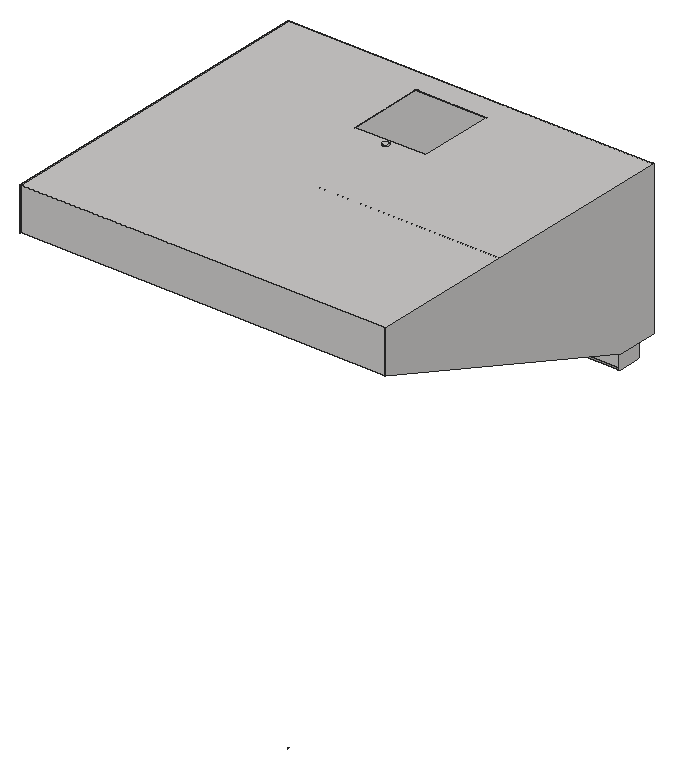
Revit family "QF_ELECTROLUXPROFESSIONAL_644191_AMPV1112BT", category Specialty Equipment, Revit 2014
Reference planes
  plane 1 "Center (Front/Back)": y = 0
  plane 2: z = 0
  plane 3 "Center (Left/Right)": x = 150
  plane 4 "LEFT": x = -450
  plane 5 "RIGHT": x = 750
  plane 6 "BACK": y = 550
  plane 7 "FRONT": y = -550
  plane 8 "Plane": z = 2000
  plane 9 "TOP": z = 2140
  plane 10 "Base": z = 1640
  plane 11: z = 1566
  plane 12 "DrainY": y = 485
  plane 13: x = -447
  plane 14: through (0, 414.509, 1640.8) normal (0, 0.7314, 0.682)
  plane 15: y = 470
  plane 16: y = 220
  plane 17 "DrainX": x = 630
  plane 18: x = 33.5
  plane 19: x = 266.5
  plane 20: x = 747
  plane 21: x = 540
  plane 22: x = 720
  plane 23: x = -410
  plane 24: x = 710
  plane 25: x = -47.5
  plane 26: x = 347.5
  plane 27: y = 200
Forms (mm)
  Extrusion 1, solid, material "QF_Finishes_Stainless Steel"
    sketch origin (-450, 0, 0) x (0, 1, 0) y (0, 0, 1)
      loop
        line (550, 1640) -> (550, 2140) -> (-550, 2140) -> (-550, 1999.112) -> (413.973, 1640) -> (550, 1640)
    from 0 to 3
  Extrusion 2, solid, material "QF_Finishes_Stainless Steel"
    sketch origin (150, 0, 0) x (0, 1, 0) y (0, 0, 1)
      loop
        line (415.255, 1640) -> (550, 1640) -> (550, 2139.19) -> (549.2, 2139.19) -> (549.2, 1640.8) -> (415.876, 1640.8) -> (339.347, 1722.867) -> (349.609, 1732.436) -> (348.927, 1733.167) -> (337.934, 1722.917) -> (415.255, 1640)
      loop
        line (-82.203, 2139.19) -> (-82.203, 2118.6) -> (-31.047, 2118.6) -> (34.354, 2048.466) -> (46.028, 2059.352) -> (45.346, 2060.083) -> (34.403, 2049.879) -> (-30.612, 2119.6) -> (-81.203, 2119.6) -> (-81.203, 2139.19) -> (-82.203, 2139.19)
    from -597 to 597
  Extrusion 3, solid, material "QF_Finishes_Stainless Steel"
    sketch origin (750, 0, 0) x (0, 1, 0) y (0, 0, 1)
      loop
        line (550, 1640) -> (550, 2140) -> (-550, 2140) -> (-550, 1999.112) -> (413.973, 1640) -> (550, 1640)
    from 0 to -3
  Extrusion 4, solid, material "QF_Finishes_Stainless Steel"
    sketch origin (150, 0, 0) x (0, 1, 0) y (0, 0, 1)
      loop
        line (-550, 2140) -> (-550, 2000) -> (-549.2, 2000) -> (-549.2, 2139.19) -> (550, 2139.19) -> (550, 2140) -> (-550, 2140)
    from -600 to 600
  Extrusion 5, solid, material "QF_Finishes_Stainless Steel"
    sketch origin (150, 0, 0) x (0, 1, 0) y (0, 0, 1)
      loop
        line (534, 1640) -> (436, 1640) -> (436, 1627) -> (443.5, 1627) -> (443.5, 1576)
        arc (443.5, 1576) -> (446.429, 1568.929) -> (453.5, 1566) r 10
        line (453.5, 1566) -> (516.5, 1566)
        arc (516.5, 1566) -> (523.571, 1568.929) -> (526.5, 1576) r 10
        line (526.5, 1576) -> (526.5, 1627) -> (534, 1627) -> (534, 1640)
    from 390 to 570
  Extrusion 6, solid, material "QF_Finishes_Stainless Steel"
    sketch origin (0, 0, 1640) x (0, 1, 0) y (-1, 0, 0)
      loop
        circle (485, -630) r 20
    from -76 to -74
  Extrusion 7, solid, material "QF_Finished_Chrome"
    sketch origin (150, 0, 0) x (0, 1, 0) y (0, 0, 1)
      loop
        line (337.934, 1722.917) -> (341.591, 1726.327) -> (38.011, 2051.876) -> (34.354, 2048.466) -> (337.934, 1722.917)
    from -197.5 to -560
  Extrusion 8, solid, material "QF_Finishes_Stainless Steel"
    sketch origin (150, 0, 0) x (0, 1, 0) y (0, 0, 1)
      loop
        line (337.934, 1722.917) -> (341.591, 1726.327) -> (38.011, 2051.876) -> (34.354, 2048.466) -> (337.934, 1722.917)
    from 597 to 560
  Extrusion 9, solid, material "QF_Finished_Chrome"
    sketch origin (150, 0, 0) x (0, 1, 0) y (0, 0, 1)
      loop
        line (341.588, 1726.324) -> (38.009, 2051.874) -> (34.354, 2048.466) -> (337.934, 1722.917) -> (341.588, 1726.324)
    from 197.5 to 560
  Extrusion 10, void
    sketch origin (0, 0, 2140) x (0, 1, 0) y (-1, 0, 0)
      loop
        line (470, -266.5) -> (470, -33.5) -> (220, -33.5) -> (220, -266.5) -> (470, -266.5)
    from 0 to -10
  Extrusion 11, solid, material "QF_Finishes_Stainless Steel"
    sketch origin (0, 0, 0) x (1, 0, 0) y (0, 1, 0)
      loop
        line (-450, 550) -> (-450, 549) -> (-449, 549) -> (-449, 550) -> (-450, 550)
    from 0 to 1
  Extrusion 12, solid, material "QF_Finishes_Stainless Steel"
    sketch origin (150, 0, 0) x (0, 1, 0) y (0, 0, 1)
      loop
        line (337.934, 1722.917) -> (341.591, 1726.327) -> (38.011, 2051.876) -> (34.354, 2048.466) -> (337.934, 1722.917)
    from -560 to -597
  Extrusion 13, solid, material "QF_Finishes_Stainless Steel"
    sketch origin (150, 0, 0) x (0, 1, 0) y (0, 0, 1)
      loop
        line (337.934, 1722.917) -> (341.591, 1726.327) -> (38.011, 2051.876) -> (34.354, 2048.466) -> (337.934, 1722.917)
    from 197.5 to -197.5
  Extrusion 14, solid, material "QF_Finishes_Stainless Steel"
    sketch origin (0, 0, 2140) x (0, 1, 0) y (-1, 0, 0)
      loop
        circle (200, -150) r 10
    from 0 to 1.6
Cuts and joins
  Extrusion 10 cuts Extrusion 4
  joined: Extrusion 2, Extrusion 4
Lines and regions (mm)
  reference lines
    curve 1: line (150, 34.354, 2048.466) -> (150, 34.354, 1888.466)
  symbolic lines, style "SpecialityEquipment", detail levels coarse
    curve 2: line (750, 550, 2140) -> (-450, 550, 2140)
    curve 3: line (-450, 550, 2140) -> (-450, -550, 2140)
    curve 4: line (750, -550, 2140) -> (750, 550, 2140)
    curve 5: line (-450, -550, 2140) -> (750, -550, 2140)
    curve 6: line (266.5, 220, 2140) -> (33.5, 220, 2140)
    curve 7: line (266.5, 470, 2140) -> (266.5, 220, 2140)
    curve 8: line (33.5, 470, 2140) -> (266.5, 470, 2140)
    curve 9: line (33.5, 220, 2140) -> (33.5, 470, 2140)
    curve 10: line (-450, -550, 0) -> (750, 550, 0)
    curve 11: line (-450, 550, 0) -> (750, -550, 0)
Dimensions and locks
  plane 4 "LEFT" to plane 5 "RIGHT" = 1200 mm
  equal spacing: plane 4 "LEFT", plane 3 "Center (Left/Right)", plane 5 "RIGHT"
  locked: plane 8 "Plane" to level at 2000
  plane 9 "TOP" to plane 8 "Plane" = 140 mm
  locked: plane 9 "TOP" to plane 10 "Base" at 500
  plane 10 "Base" to plane 11 = 74 mm
  plane 6 "BACK" to plane 12 "DrainY" = 65 mm  (x2)
  plane 4 "LEFT" to plane 13 = 3 mm
  plane 6 "BACK" to plane 15 = 80 mm
  plane 15 to plane 16 = 250 mm  (x2)
  plane 17 "DrainX" to plane 5 "RIGHT" = 120 mm
  plane 20 to plane 5 "RIGHT" = 3 mm
  locked: plane 21 to plane 17 "DrainX" at 90
  locked: plane 17 "DrainX" to plane 22 at 90
  plane 6 "BACK" to plane 7 "FRONT" = 1100 mm  (x2)
  equal spacing: plane 6 "BACK", plane 1 "Center (Front/Back)", plane 7 "FRONT"
  plane 16 to plane 7 "FRONT" = 770 mm
  plane 15 to plane 6 "BACK" = 80 mm
  locked: plane 4 "LEFT" to plane 23 at 40
  locked: plane 24 to plane 5 "RIGHT" at 40
  locked: plane 25 to plane 26 at 395
  equal spacing: plane 25, plane 3 "Center (Left/Right)", plane 26
  locked: plane 18 to plane 19 at 233
  equal spacing: plane 18, plane 3 "Center (Left/Right)", plane 19
  plane 16 to plane 27 = 20 mm
  aligned and locked: level to plane 2
  aligned and locked: Extrusion 2 to Extrusion 1
  aligned and locked: Extrusion 2 to Extrusion 3
  aligned and locked: plane 5 "RIGHT" to Extrusion 4
  aligned and locked: Extrusion 4 to plane 4 "LEFT"
  aligned and locked: plane 20 to Extrusion 8
  aligned and locked: Extrusion 10 to plane 18
  aligned and locked: Extrusion 10 to plane 16
  aligned and locked: Extrusion 10 to plane 15
  aligned and locked: Extrusion 2 to Extrusion 4
  aligned and locked: plane 22 to Extrusion 5
  aligned and locked: Extrusion 5 to plane 21
  aligned and locked: Extrusion 8 to plane 24
  aligned and locked: Extrusion 9 to plane 24
  aligned and locked: Extrusion 7 to plane 23
  aligned and locked: Extrusion 12 to plane 13
  aligned and locked: plane 23 to Extrusion 12
  aligned and locked: Extrusion 3 to plane 20
  aligned and locked: Extrusion 10 to plane 19
  aligned and locked: plane 19 to curve 7
  aligned and locked: plane 26 to Extrusion 13
  aligned and locked: Extrusion 13 to plane 25
  aligned and locked: Extrusion 9 to plane 26
Automatic sketch dimensions
  curve 5 to plane 5 "RIGHT" = 0 mm
  curve 5 to plane 7 "FRONT" = 0 mm
  curve 6 to plane 16 = 0 mm
  plane 15 to curve 8 = 0 mm
  curve 3 to plane 4 "LEFT" = 0 mm
  curve 3 to plane 6 "BACK" = 0 mm
  curve 6 to plane 18 = 0 mm
  Extrusion 1 sketch curve to plane 7 "FRONT" = 0 mm
  Extrusion 1 sketch curve to plane 10 "Base" = 0 mm
  Extrusion 1 sketch curve to plane 6 "BACK" = 0 mm
  Extrusion 1 sketch curve to plane 9 "TOP" = 0 mm
  plane 15 to Extrusion 1 sketch curve = 56.027 mm
  Extrusion 1 sketch curve to plane 8 "Plane" = 0.888 mm
  Extrusion 2 sketch curve to plane 14 = 0 mm  (x3)
  Extrusion 2 sketch curve to plane 10 "Base" = 0 mm
  plane 14 to Extrusion 2 sketch curve = 0 mm
  Extrusion 2 sketch curve to plane 6 "BACK" = 0 mm
  Extrusion 2 sketch curve to Extrusion 2 sketch curve = 65.646 mm
  Extrusion 2 sketch curve to Extrusion 2 sketch curve = 0.682 mm  (x2)
  Extrusion 2 sketch curve to Extrusion 2 sketch curve = 10.261 mm
  plane 10 "Base" to Extrusion 2 sketch curve = 82.917 mm
  Extrusion 2 sketch curve to plane 1 "Center (Front/Back)" = 46.028 mm
  Extrusion 2 sketch curve to Extrusion 2 sketch curve = 10.942 mm
  Extrusion 2 sketch curve to Extrusion 2 sketch curve = 0.049 mm
  Extrusion 2 sketch curve to plane 9 "TOP" = 20.4 mm
  Extrusion 2 sketch curve to plane 9 "TOP" = 21.4 mm
  Extrusion 2 sketch curve to plane 9 "TOP" = 0.81 mm  (x2)
  Extrusion 2 sketch curve to Extrusion 2 sketch curve = 50.156 mm
  Extrusion 2 sketch curve to Extrusion 2 sketch curve = 1 mm
  plane 10 "Base" to Extrusion 2 sketch curve = 0.8 mm
  Extrusion 2 sketch curve to plane 6 "BACK" = 0.8 mm
  Extrusion 3 sketch curve to plane 7 "FRONT" = 0 mm
  Extrusion 3 sketch curve to plane 10 "Base" = 0 mm
  Extrusion 3 sketch curve to plane 6 "BACK" = 0 mm
  Extrusion 3 sketch curve to plane 9 "TOP" = 0 mm
  plane 15 to Extrusion 3 sketch curve = 56.027 mm
  Extrusion 3 sketch curve to plane 8 "Plane" = 0.888 mm
  Extrusion 4 sketch curve to plane 7 "FRONT" = 0 mm
  Extrusion 4 sketch curve to plane 8 "Plane" = 0 mm
  Extrusion 4 sketch curve to plane 6 "BACK" = 0 mm
  Extrusion 4 sketch curve to plane 9 "TOP" = 0 mm
  plane 7 "FRONT" to Extrusion 4 sketch curve = 0.8 mm
  Extrusion 4 sketch curve to plane 9 "TOP" = 0.81 mm
  curve 1 to plane 14 = 0 mm
  curve 1 to plane 1 "Center (Front/Back)" = 34.354 mm
  curve 1 to plane 8 "Plane" = 111.534 mm
  Extrusion 5 sketch curve to plane 10 "Base" = 0 mm
  Extrusion 5 sketch curve to plane 11 = 0 mm
  Extrusion 5 sketch curve to plane 10 "Base" = 13 mm  (x2)
  plane 15 to Extrusion 5 sketch curve = 34 mm
  Extrusion 5 sketch curve to Extrusion 5 sketch curve = 7.5 mm  (x2)
  Extrusion 5 sketch curve to Extrusion 5 sketch curve = 10 mm
  plane 12 "DrainY" to Extrusion 5 sketch curve = 31.5 mm
  Extrusion 5 sketch curve to plane 6 "BACK" = 23.5 mm
  Extrusion 6 sketch curve to plane 12 "DrainY" = 0 mm
  Extrusion 6 sketch curve to plane 17 "DrainX" = 0 mm
  Extrusion 7 sketch curve to plane 14 = 0 mm  (x2)
  Extrusion 7 sketch curve to plane 1 "Center (Front/Back)" = 34.354 mm
  Extrusion 7 sketch curve to Extrusion 7 sketch curve = 3.657 mm
  plane 10 "Base" to Extrusion 7 sketch curve = 82.917 mm
  Extrusion 8 sketch curve to plane 14 = 0 mm  (x2)
  Extrusion 8 sketch curve to plane 1 "Center (Front/Back)" = 34.354 mm
  Extrusion 8 sketch curve to Extrusion 8 sketch curve = 3.657 mm
  plane 10 "Base" to Extrusion 8 sketch curve = 82.917 mm
  Extrusion 9 sketch curve to plane 14 = 0 mm  (x2)
  Extrusion 9 sketch curve to plane 1 "Center (Front/Back)" = 34.354 mm
  Extrusion 9 sketch curve to Extrusion 9 sketch curve = 3.655 mm
  plane 10 "Base" to Extrusion 9 sketch curve = 82.917 mm
  Extrusion 10 sketch curve to plane 16 = 0 mm
  plane 15 to Extrusion 10 sketch curve = 0 mm
  Extrusion 10 sketch curve to plane 19 = 0 mm
  Extrusion 10 sketch curve to plane 18 = 0 mm
  Extrusion 11 sketch curve to plane 4 "LEFT" = 0 mm
  Extrusion 11 sketch curve to plane 6 "BACK" = 0 mm
  plane 4 "LEFT" to Extrusion 11 sketch curve = 1 mm
  Extrusion 11 sketch curve to Extrusion 11 sketch curve = 1 mm
  Extrusion 12 sketch curve to plane 14 = 0 mm  (x2)
  Extrusion 12 sketch curve to plane 1 "Center (Front/Back)" = 34.354 mm
  Extrusion 12 sketch curve to Extrusion 12 sketch curve = 3.657 mm
  plane 10 "Base" to Extrusion 12 sketch curve = 82.917 mm
  Extrusion 13 sketch curve to plane 14 = 0 mm  (x2)
  Extrusion 13 sketch curve to plane 1 "Center (Front/Back)" = 34.354 mm
  Extrusion 13 sketch curve to Extrusion 13 sketch curve = 3.657 mm
  plane 10 "Base" to Extrusion 13 sketch curve = 82.917 mm
  curve 11 to plane 4 "LEFT" = 0 mm
  curve 10 to plane 4 "LEFT" = 0 mm
  curve 11 to plane 5 "RIGHT" = 0 mm
  curve 10 to plane 5 "RIGHT" = 0 mm
  curve 11 to plane 7 "FRONT" = 0 mm
  curve 10 to plane 7 "FRONT" = 0 mm
  curve 11 to plane 6 "BACK" = 0 mm
  curve 10 to plane 6 "BACK" = 0 mm
  Extrusion 14 sketch curve to plane 3 "Center (Left/Right)" = 0 mm
  plane 27 to Extrusion 14 sketch curve = 0 mm
  radius of Extrusion 6 sketch curve = 20 mm
  radius of Extrusion 14 sketch curve = 10 mm
Connectors
  piping at (630, 485, 1564), diameter 20
    settings: on Extrusion 6, index 1, connector inside diameter 609.6 mm, connector length 0 mm, flow factor 0, pipe flow 0.0 L/s, pressure drop 0.0 Pa, fitting loss kfactor 0, connector angle 0.00°, fixture units 0, engagement length 0 mm, angle of deflection 0.00°, flow configuration 1, flow direction 2, fitting loss method 0, system type 16, joint type 0, gender type 0, connector reference index -1, connector utility 0, adjustable connector no, is connector primary yes, connector description "Drain"
  hvac at (150, 345, 2140)
    settings: on Extrusion 10, index 2, duct flow 0.0 L/s, flow factor 0, pres drop 0.0 Pa, loss coef 0, conn angle 0.00°, conn width 250 mm, conn height 233 mm, conn diameter 609.6 mm, duct sys type 3, conn prof type 1, flow config 0, flow direction 2, loss method 0, conn ref index -1, conn util no, is conn primary yes, conn desc "EXHAUST OUTLET"
  electrical at (150, 200, 2141.6)
    settings: on Extrusion 14, index 3, voltage 0 V, apparent load 0 VA, apparent load phase1 0 VA, apparent load phase2 0 VA, apparent load phase3 0 VA, power factor 1, load classification "Other", number of poles 1, system type 30, power factor state 1, is connector primary yes, connector utility no, sub classification motor no, connector description "Electrical Connection"
